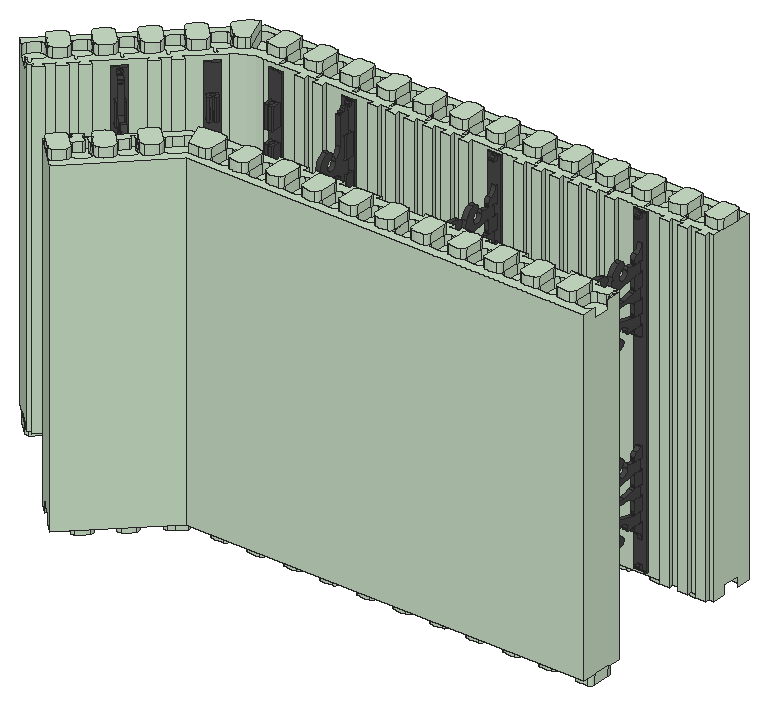
Revit family (continued)
Automatic sketch dimensions
  Extrusion 18 sketch curve to Extrusion 18 sketch curve = 0' - 0.1125"
  Extrusion 18 sketch curve to Extrusion 18 sketch curve = 0' - 0.1208"
  Extrusion 18 sketch curve to Extrusion 18 sketch curve = 0' - 0.0364"
  Extrusion 18 sketch curve to Extrusion 18 sketch curve = 0' - 0.04419"  (x2)
  Extrusion 18 sketch curve to Extrusion 18 sketch curve = 0' - 0.28149"  (x2)
  Extrusion 18 sketch curve to Extrusion 18 sketch curve = 0' - 0.20883"
  Extrusion 18 sketch curve to Extrusion 18 sketch curve = 0' - 0.03226"
  Extrusion 18 sketch curve to Extrusion 18 sketch curve = 0' - 0.04181"
  Extrusion 18 sketch curve to Extrusion 18 sketch curve = 0' - 0.1931"
  Extrusion 18 sketch curve to Extrusion 18 sketch curve = 0' - 0.16723"
  Extrusion 18 sketch curve to Extrusion 18 sketch curve = 0' - 0.07207"  (x2)
  Extrusion 18 sketch curve to Extrusion 18 sketch curve = 0' - 0.11381"
  Extrusion 18 sketch curve to Extrusion 18 sketch curve = 0' - 0.22259"
  plane 5 to Extrusion 18 sketch curve = 0' - 2.13595"
  Extrusion 18 sketch curve to Extrusion 18 sketch curve = 0' - 0.24884"
  Extrusion 18 sketch curve to Extrusion 18 sketch curve = 0' - 0.14031"
  plane 8 to Extrusion 19 sketch curve = 0' - 9.22509"
  Extrusion 19 sketch curve to Extrusion 19 sketch curve = 0' - 0"  (x5)
  Extrusion 19 sketch curve to Extrusion 19 sketch curve = 0' - 0.04582"  (x2)
  Extrusion 19 sketch curve to Extrusion 19 sketch curve = 0' - 0.17837"
  Extrusion 19 sketch curve to Extrusion 19 sketch curve = 0' - 0.17678"  (x4)
  Extrusion 19 sketch curve to Extrusion 19 sketch curve = 0' - 0.1125"
  Extrusion 19 sketch curve to Extrusion 19 sketch curve = 0' - 0.1208"
  Extrusion 19 sketch curve to Extrusion 19 sketch curve = 0' - 0.0364"
  Extrusion 19 sketch curve to Extrusion 19 sketch curve = 0' - 0.04419"  (x2)
  Extrusion 19 sketch curve to Extrusion 19 sketch curve = 0' - 0.28149"  (x2)
  Extrusion 19 sketch curve to Extrusion 19 sketch curve = 0' - 0.20883"
  Extrusion 19 sketch curve to Extrusion 19 sketch curve = 0' - 0.03226"
  Extrusion 19 sketch curve to Extrusion 19 sketch curve = 0' - 0.04181"
  Extrusion 19 sketch curve to Extrusion 19 sketch curve = 0' - 0.1931"
  Extrusion 19 sketch curve to Extrusion 19 sketch curve = 0' - 0.16723"
  Extrusion 19 sketch curve to Extrusion 19 sketch curve = 0' - 0.07207"  (x2)
  Extrusion 19 sketch curve to Extrusion 19 sketch curve = 0' - 0.11381"
  Extrusion 19 sketch curve to Extrusion 19 sketch curve = 0' - 0.22259"
  Extrusion 19 sketch curve to plane 4 = 0' - 2.13595"
  Extrusion 19 sketch curve to Extrusion 19 sketch curve = 0' - 0.24884"
  Extrusion 19 sketch curve to Extrusion 19 sketch curve = 0' - 0.14031"
  plane 8 to Extrusion 20 sketch curve = 0' - 10.6393"
  Extrusion 20 sketch curve to Extrusion 20 sketch curve = 0' - 0"  (x5)
  Extrusion 20 sketch curve to Extrusion 20 sketch curve = 0' - 0.04582"  (x2)
  Extrusion 20 sketch curve to Extrusion 20 sketch curve = 0' - 0.17837"
  Extrusion 20 sketch curve to Extrusion 20 sketch curve = 0' - 0.17678"  (x4)
  Extrusion 20 sketch curve to Extrusion 20 sketch curve = 0' - 0.1125"
  Extrusion 20 sketch curve to Extrusion 20 sketch curve = 0' - 0.1208"
  Extrusion 20 sketch curve to Extrusion 20 sketch curve = 0' - 0.0364"
  Extrusion 20 sketch curve to Extrusion 20 sketch curve = 0' - 0.04419"  (x2)
  Extrusion 20 sketch curve to Extrusion 20 sketch curve = 0' - 0.28149"  (x2)
  Extrusion 20 sketch curve to Extrusion 20 sketch curve = 0' - 0.20883"
  Extrusion 20 sketch curve to Extrusion 20 sketch curve = 0' - 0.03226"
  Extrusion 20 sketch curve to Extrusion 20 sketch curve = 0' - 0.04181"
  Extrusion 20 sketch curve to Extrusion 20 sketch curve = 0' - 0.1931"
  Extrusion 20 sketch curve to Extrusion 20 sketch curve = 0' - 0.16723"
  Extrusion 20 sketch curve to Extrusion 20 sketch curve = 0' - 0.07207"  (x2)
  Extrusion 20 sketch curve to Extrusion 20 sketch curve = 0' - 0.11381"
  Extrusion 20 sketch curve to Extrusion 20 sketch curve = 0' - 0.22259"
  Extrusion 20 sketch curve to plane 4 = 0' - 2.13595"
  Extrusion 20 sketch curve to Extrusion 20 sketch curve = 0' - 0.24884"
  Extrusion 20 sketch curve to Extrusion 20 sketch curve = 0' - 0.14031"
  plane 8 to Extrusion 21 sketch curve = 0' - 7.81088"
  Extrusion 21 sketch curve to Extrusion 21 sketch curve = 0' - 0"  (x5)
  Extrusion 21 sketch curve to Extrusion 21 sketch curve = 0' - 0.04582"  (x2)
  Extrusion 21 sketch curve to Extrusion 21 sketch curve = 0' - 0.17837"
  Extrusion 21 sketch curve to Extrusion 21 sketch curve = 0' - 0.17678"  (x4)
  Extrusion 21 sketch curve to Extrusion 21 sketch curve = 0' - 0.1125"
  Extrusion 21 sketch curve to Extrusion 21 sketch curve = 0' - 0.1208"
  Extrusion 21 sketch curve to Extrusion 21 sketch curve = 0' - 0.0364"
  Extrusion 21 sketch curve to Extrusion 21 sketch curve = 0' - 0.04419"  (x2)
  Extrusion 21 sketch curve to Extrusion 21 sketch curve = 0' - 0.28149"  (x2)
  Extrusion 21 sketch curve to Extrusion 21 sketch curve = 0' - 0.20883"
  Extrusion 21 sketch curve to Extrusion 21 sketch curve = 0' - 0.03226"
  Extrusion 21 sketch curve to Extrusion 21 sketch curve = 0' - 0.04181"
  Extrusion 21 sketch curve to Extrusion 21 sketch curve = 0' - 0.1931"
  Extrusion 21 sketch curve to Extrusion 21 sketch curve = 0' - 0.16723"
  Extrusion 21 sketch curve to Extrusion 21 sketch curve = 0' - 0.07207"  (x2)
  Extrusion 21 sketch curve to Extrusion 21 sketch curve = 0' - 0.11381"
  Extrusion 21 sketch curve to Extrusion 21 sketch curve = 0' - 0.22259"
  Extrusion 21 sketch curve to plane 4 = 0' - 2.13595"
  Extrusion 21 sketch curve to Extrusion 21 sketch curve = 0' - 0.24884"
  Extrusion 21 sketch curve to Extrusion 21 sketch curve = 0' - 0.14031"
  plane 8 to Extrusion 22 sketch curve = 0' - 6.39666"
  Extrusion 22 sketch curve to Extrusion 22 sketch curve = 0' - 0"  (x5)
  Extrusion 22 sketch curve to Extrusion 22 sketch curve = 0' - 0.04582"  (x2)
  Extrusion 22 sketch curve to Extrusion 22 sketch curve = 0' - 0.17837"
  Extrusion 22 sketch curve to Extrusion 22 sketch curve = 0' - 0.17678"  (x4)
  Extrusion 22 sketch curve to Extrusion 22 sketch curve = 0' - 0.1125"
  Extrusion 22 sketch curve to Extrusion 22 sketch curve = 0' - 0.1208"
  Extrusion 22 sketch curve to Extrusion 22 sketch curve = 0' - 0.0364"
  Extrusion 22 sketch curve to Extrusion 22 sketch curve = 0' - 0.04419"  (x2)
  Extrusion 22 sketch curve to Extrusion 22 sketch curve = 0' - 0.28149"  (x2)
  Extrusion 22 sketch curve to Extrusion 22 sketch curve = 0' - 0.20883"
  Extrusion 22 sketch curve to Extrusion 22 sketch curve = 0' - 0.03226"
  Extrusion 22 sketch curve to Extrusion 22 sketch curve = 0' - 0.04181"
  Extrusion 22 sketch curve to Extrusion 22 sketch curve = 0' - 0.1931"
  Extrusion 22 sketch curve to Extrusion 22 sketch curve = 0' - 0.16723"
  Extrusion 22 sketch curve to Extrusion 22 sketch curve = 0' - 0.07207"  (x2)
  Extrusion 22 sketch curve to Extrusion 22 sketch curve = 0' - 0.11381"
  Extrusion 22 sketch curve to Extrusion 22 sketch curve = 0' - 0.22259"
  Extrusion 22 sketch curve to plane 4 = 0' - 2.13595"
  Extrusion 22 sketch curve to Extrusion 22 sketch curve = 0' - 0.24884"
  Extrusion 22 sketch curve to Extrusion 22 sketch curve = 0' - 0.14031"
  plane 8 to Extrusion 23 sketch curve = 0' - 4.98245"
  Extrusion 23 sketch curve to Extrusion 23 sketch curve = 0' - 0"  (x5)
  Extrusion 23 sketch curve to Extrusion 23 sketch curve = 0' - 0.04582"  (x2)
  Extrusion 23 sketch curve to Extrusion 23 sketch curve = 0' - 0.17837"
  Extrusion 23 sketch curve to Extrusion 23 sketch curve = 0' - 0.17678"  (x4)
  Extrusion 23 sketch curve to Extrusion 23 sketch curve = 0' - 0.1125"
  Extrusion 23 sketch curve to Extrusion 23 sketch curve = 0' - 0.1208"
  Extrusion 23 sketch curve to Extrusion 23 sketch curve = 0' - 0.0364"
  Extrusion 23 sketch curve to Extrusion 23 sketch curve = 0' - 0.04419"  (x2)
  Extrusion 23 sketch curve to Extrusion 23 sketch curve = 0' - 0.28149"  (x2)
  Extrusion 23 sketch curve to Extrusion 23 sketch curve = 0' - 0.20883"
  Extrusion 23 sketch curve to Extrusion 23 sketch curve = 0' - 0.03226"
  Extrusion 23 sketch curve to Extrusion 23 sketch curve = 0' - 0.04181"
  Extrusion 23 sketch curve to Extrusion 23 sketch curve = 0' - 0.1931"
  Extrusion 23 sketch curve to Extrusion 23 sketch curve = 0' - 0.16723"
  Extrusion 23 sketch curve to Extrusion 23 sketch curve = 0' - 0.07207"  (x2)
  Extrusion 23 sketch curve to Extrusion 23 sketch curve = 0' - 0.11381"
  Extrusion 23 sketch curve to Extrusion 23 sketch curve = 0' - 0.22259"
  Extrusion 23 sketch curve to plane 4 = 0' - 2.13595"
  Extrusion 23 sketch curve to Extrusion 23 sketch curve = 0' - 0.24884"
  Extrusion 23 sketch curve to Extrusion 23 sketch curve = 0' - 0.14031"
  plane 8 to Extrusion 24 sketch curve = 0' - 3.56823"
  Extrusion 24 sketch curve to Extrusion 24 sketch curve = 0' - 0"  (x5)
  Extrusion 24 sketch curve to Extrusion 24 sketch curve = 0' - 0.04582"  (x2)
  Extrusion 24 sketch curve to Extrusion 24 sketch curve = 0' - 0.17837"
  Extrusion 24 sketch curve to Extrusion 24 sketch curve = 0' - 0.17678"  (x4)
  Extrusion 24 sketch curve to Extrusion 24 sketch curve = 0' - 0.1125"
  Extrusion 24 sketch curve to Extrusion 24 sketch curve = 0' - 0.1208"
  Extrusion 24 sketch curve to Extrusion 24 sketch curve = 0' - 0.0364"
  Extrusion 24 sketch curve to Extrusion 24 sketch curve = 0' - 0.04419"  (x2)
  Extrusion 24 sketch curve to Extrusion 24 sketch curve = 0' - 0.28149"  (x2)
  Extrusion 24 sketch curve to Extrusion 24 sketch curve = 0' - 0.20883"
  Extrusion 24 sketch curve to Extrusion 24 sketch curve = 0' - 0.03226"
  Extrusion 24 sketch curve to Extrusion 24 sketch curve = 0' - 0.04181"
  Extrusion 24 sketch curve to Extrusion 24 sketch curve = 0' - 0.1931"
  Extrusion 24 sketch curve to Extrusion 24 sketch curve = 0' - 0.16723"
  Extrusion 24 sketch curve to Extrusion 24 sketch curve = 0' - 0.07207"  (x2)
  Extrusion 24 sketch curve to Extrusion 24 sketch curve = 0' - 0.11381"
  Extrusion 24 sketch curve to Extrusion 24 sketch curve = 0' - 0.22259"
  Extrusion 24 sketch curve to plane 4 = 0' - 2.13595"
  Extrusion 24 sketch curve to Extrusion 24 sketch curve = 0' - 0.24884"
  Extrusion 24 sketch curve to Extrusion 24 sketch curve = 0' - 0.14031"
  plane 8 to Extrusion 25 sketch curve = 0' - 2.15402"
  Extrusion 25 sketch curve to Extrusion 25 sketch curve = 0' - 0"  (x5)
  Extrusion 25 sketch curve to Extrusion 25 sketch curve = 0' - 0.04582"  (x2)
  Extrusion 25 sketch curve to Extrusion 25 sketch curve = 0' - 0.17837"
  Extrusion 25 sketch curve to Extrusion 25 sketch curve = 0' - 0.17678"  (x4)
  Extrusion 25 sketch curve to Extrusion 25 sketch curve = 0' - 0.1125"
  Extrusion 25 sketch curve to Extrusion 25 sketch curve = 0' - 0.1208"
  Extrusion 25 sketch curve to Extrusion 25 sketch curve = 0' - 0.0364"
  Extrusion 25 sketch curve to Extrusion 25 sketch curve = 0' - 0.04419"  (x2)
  Extrusion 25 sketch curve to Extrusion 25 sketch curve = 0' - 0.28149"  (x2)
  Extrusion 25 sketch curve to Extrusion 25 sketch curve = 0' - 0.20883"
  Extrusion 25 sketch curve to Extrusion 25 sketch curve = 0' - 0.03226"
  Extrusion 25 sketch curve to Extrusion 25 sketch curve = 0' - 0.04181"
  Extrusion 25 sketch curve to Extrusion 25 sketch curve = 0' - 0.1931"
  Extrusion 25 sketch curve to Extrusion 25 sketch curve = 0' - 0.16723"
  Extrusion 25 sketch curve to Extrusion 25 sketch curve = 0' - 0.07207"  (x2)
  Extrusion 25 sketch curve to Extrusion 25 sketch curve = 0' - 0.11381"
  Extrusion 25 sketch curve to Extrusion 25 sketch curve = 0' - 0.22259"
  Extrusion 25 sketch curve to plane 4 = 0' - 2.13595"
  Extrusion 25 sketch curve to Extrusion 25 sketch curve = 0' - 0.24884"
  Extrusion 25 sketch curve to Extrusion 25 sketch curve = 0' - 0.14031"
  plane 8 to Extrusion 26 sketch curve = 0' - 0.73981"
  Extrusion 26 sketch curve to Extrusion 26 sketch curve = 0' - 0"  (x5)
  Extrusion 26 sketch curve to Extrusion 26 sketch curve = 0' - 0.04582"  (x2)
  plane 8 to Extrusion 26 sketch curve = 0' - 0.56144"
  Extrusion 26 sketch curve to Extrusion 26 sketch curve = 0' - 0.22259"  (x2)
  Extrusion 26 sketch curve to Extrusion 26 sketch curve = 0' - 0.1125"
  Extrusion 26 sketch curve to Extrusion 26 sketch curve = 0' - 0.1208"
  Extrusion 26 sketch curve to Extrusion 26 sketch curve = 0' - 0.0364"
  Extrusion 26 sketch curve to Extrusion 26 sketch curve = 0' - 0.04419"  (x2)
  plane 8 to Extrusion 26 sketch curve = 0' - 0.23573"
  plane 8 to Extrusion 26 sketch curve = 0' - 0.19592"
  plane 8 to Extrusion 26 sketch curve = 0' - 0.16366"
  Extrusion 26 sketch curve to Extrusion 26 sketch curve = 0' - 0.04181"
  plane 8 to Extrusion 26 sketch curve = 0' - 0.04263"
  Extrusion 26 sketch curve to plane 8 = 0' - 0.01312"
  Extrusion 26 sketch curve to plane 8 = 0' - 0.13415"
  Extrusion 26 sketch curve to plane 8 = 0' - 0.20621"
  Extrusion 26 sketch curve to plane 8 = 0' - 0.24795"
  Extrusion 26 sketch curve to Extrusion 26 sketch curve = 0' - 0.28149"
  Extrusion 26 sketch curve to Extrusion 26 sketch curve = 0' - 0.17678"  (x2)
  Extrusion 26 sketch curve to plane 4 = 0' - 2.13595"
  Extrusion 26 sketch curve to Extrusion 26 sketch curve = 0' - 0.07207"
  Extrusion 26 sketch curve to Extrusion 26 sketch curve = 0' - 0.24884"
  Extrusion 26 sketch curve to Extrusion 26 sketch curve = 0' - 0.14031"
  Extrusion 27 sketch curve to plane 8 = 0' - 0.67441"
  Extrusion 27 sketch curve to Extrusion 27 sketch curve = 0' - 0"  (x5)
  Extrusion 27 sketch curve to Extrusion 27 sketch curve = 0' - 0.04582"  (x2)
  Extrusion 27 sketch curve to Extrusion 27 sketch curve = 0' - 0.17837"
  Extrusion 27 sketch curve to Extrusion 27 sketch curve = 0' - 0.22259"  (x2)
  Extrusion 27 sketch curve to Extrusion 27 sketch curve = 0' - 0.1125"
  Extrusion 27 sketch curve to Extrusion 27 sketch curve = 0' - 0.1208"
  Extrusion 27 sketch curve to Extrusion 27 sketch curve = 0' - 0.0364"
  Extrusion 27 sketch curve to Extrusion 27 sketch curve = 0' - 0.04419"  (x2)
  Extrusion 27 sketch curve to Extrusion 27 sketch curve = 0' - 0.28149"  (x2)
  Extrusion 27 sketch curve to Extrusion 27 sketch curve = 0' - 0.20883"
  Extrusion 27 sketch curve to Extrusion 27 sketch curve = 0' - 0.03226"
  Extrusion 27 sketch curve to Extrusion 27 sketch curve = 0' - 0.04181"
  Extrusion 27 sketch curve to Extrusion 27 sketch curve = 0' - 0.1931"
  Extrusion 27 sketch curve to Extrusion 27 sketch curve = 0' - 0.16723"
  Extrusion 27 sketch curve to Extrusion 27 sketch curve = 0' - 0.17678"  (x3)
  Extrusion 27 sketch curve to Extrusion 27 sketch curve = 0' - 0.07207"  (x2)
  Extrusion 27 sketch curve to Extrusion 27 sketch curve = 0' - 0.11381"
  Extrusion 27 sketch curve to plane 4 = 0' - 2.13595"
  Extrusion 27 sketch curve to Extrusion 27 sketch curve = 0' - 0.24884"
  Extrusion 27 sketch curve to Extrusion 27 sketch curve = 0' - 0.14031"
  plane 7 to Extrusion 28 sketch curve = 0' - 0.91138"
  Extrusion 28 sketch curve to Extrusion 28 sketch curve = 0' - 0"  (x5)
  Extrusion 28 sketch curve to Extrusion 28 sketch curve = 0' - 0.04582"  (x2)
  Extrusion 28 sketch curve to Extrusion 28 sketch curve = 0' - 0.17837"
  Extrusion 28 sketch curve to Extrusion 28 sketch curve = 0' - 0.17678"  (x3)
  Extrusion 28 sketch curve to Extrusion 28 sketch curve = 0' - 0.1125"
  Extrusion 28 sketch curve to Extrusion 28 sketch curve = 0' - 0.1208"
  Extrusion 28 sketch curve to Extrusion 28 sketch curve = 0' - 0.0364"
  Extrusion 28 sketch curve to Extrusion 28 sketch curve = 0' - 0.04419"  (x2)
  Extrusion 28 sketch curve to Extrusion 28 sketch curve = 0' - 0.28149"  (x2)
  Extrusion 28 sketch curve to Extrusion 28 sketch curve = 0' - 0.20883"
  Extrusion 28 sketch curve to Extrusion 28 sketch curve = 0' - 0.03226"
  Extrusion 28 sketch curve to Extrusion 28 sketch curve = 0' - 0.04181"
  plane 7 to Extrusion 28 sketch curve = 0' - 0.2142"
  plane 7 to Extrusion 28 sketch curve = 0' - 0.15846"
  plane 7 to Extrusion 28 sketch curve = 0' - 0.03743"
  Extrusion 28 sketch curve to plane 7 = 0' - 0.03464"
  Extrusion 28 sketch curve to plane 7 = 0' - 0.07638"
  Extrusion 28 sketch curve to Extrusion 28 sketch curve = 0' - 0.22259"
  Extrusion 28 sketch curve to plane 4 = 0' - 2.13595"
  Extrusion 28 sketch curve to Extrusion 28 sketch curve = 0' - 0.07207"
  Extrusion 28 sketch curve to Extrusion 28 sketch curve = 0' - 0.24884"
  Extrusion 28 sketch curve to Extrusion 28 sketch curve = 0' - 0.14031"
  Extrusion 29 sketch curve to plane 7 = 0' - 0.50283"
  Extrusion 29 sketch curve to Extrusion 29 sketch curve = 0' - 0"  (x5)
  Extrusion 29 sketch curve to Extrusion 29 sketch curve = 0' - 0.04582"  (x2)
  Extrusion 29 sketch curve to Extrusion 29 sketch curve = 0' - 0.17837"
  Extrusion 29 sketch curve to Extrusion 29 sketch curve = 0' - 0.17678"  (x4)
  Extrusion 29 sketch curve to Extrusion 29 sketch curve = 0' - 0.1125"
  Extrusion 29 sketch curve to Extrusion 29 sketch curve = 0' - 0.1208"
  Extrusion 29 sketch curve to Extrusion 29 sketch curve = 0' - 0.0364"
  Extrusion 29 sketch curve to Extrusion 29 sketch curve = 0' - 0.04419"  (x2)
  Extrusion 29 sketch curve to Extrusion 29 sketch curve = 0' - 0.28149"  (x2)
  Extrusion 29 sketch curve to Extrusion 29 sketch curve = 0' - 0.20883"
  Extrusion 29 sketch curve to Extrusion 29 sketch curve = 0' - 0.03226"
  Extrusion 29 sketch curve to Extrusion 29 sketch curve = 0' - 0.04181"
  Extrusion 29 sketch curve to Extrusion 29 sketch curve = 0' - 0.1931"
  Extrusion 29 sketch curve to Extrusion 29 sketch curve = 0' - 0.16723"
  Extrusion 29 sketch curve to Extrusion 29 sketch curve = 0' - 0.07207"  (x2)
  Extrusion 29 sketch curve to Extrusion 29 sketch curve = 0' - 0.11381"
  Extrusion 29 sketch curve to Extrusion 29 sketch curve = 0' - 0.22259"
  Extrusion 29 sketch curve to plane 4 = 0' - 2.13595"
  Extrusion 29 sketch curve to Extrusion 29 sketch curve = 0' - 0.24884"
  Extrusion 29 sketch curve to Extrusion 29 sketch curve = 0' - 0.14031"
  plane 6 to Extrusion 30 sketch curve = 0' - 1.08295"
  Extrusion 30 sketch curve to Extrusion 30 sketch curve = 0' - 0"  (x5)
  Extrusion 30 sketch curve to Extrusion 30 sketch curve = 0' - 0.04582"  (x2)
  Extrusion 30 sketch curve to Extrusion 30 sketch curve = 0' - 0.17837"
  Extrusion 30 sketch curve to Extrusion 30 sketch curve = 0' - 0.17678"  (x3)
  Extrusion 30 sketch curve to Extrusion 30 sketch curve = 0' - 0.1125"
  Extrusion 30 sketch curve to Extrusion 30 sketch curve = 0' - 0.1208"
  Extrusion 30 sketch curve to Extrusion 30 sketch curve = 0' - 0.0364"
  Extrusion 30 sketch curve to Extrusion 30 sketch curve = 0' - 0.04419"  (x2)
  Extrusion 30 sketch curve to Extrusion 30 sketch curve = 0' - 0.28149"
  Extrusion 30 sketch curve to Extrusion 30 sketch curve = 0' - 0.20883"
  Extrusion 30 sketch curve to Extrusion 30 sketch curve = 0' - 0.03226"
  Extrusion 30 sketch curve to Extrusion 30 sketch curve = 0' - 0.04181"
  plane 6 to Extrusion 30 sketch curve = 0' - 0.38578"
  Extrusion 30 sketch curve to Extrusion 30 sketch curve = 0' - 0.16723"
  plane 6 to Extrusion 30 sketch curve = 0' - 0.209"
  plane 6 to Extrusion 30 sketch curve = 0' - 0.13693"
  plane 6 to Extrusion 30 sketch curve = 0' - 0.09519"
  Extrusion 30 sketch curve to plane 6 = 0' - 0.14455"
  Extrusion 30 sketch curve to Extrusion 30 sketch curve = 0' - 0.22259"
  plane 3 "Center (Left/Right)" to Extrusion 30 sketch curve = 0' - 1.02793"
  Extrusion 30 sketch curve to Extrusion 30 sketch curve = 0' - 0.07207"
  Extrusion 30 sketch curve to Extrusion 30 sketch curve = 0' - 0.24884"
  Extrusion 30 sketch curve to Extrusion 30 sketch curve = 0' - 0.14031"
  Extrusion 31 sketch curve to plane 5 = 0' - 0.42964"
  Extrusion 31 sketch curve to plane 3 "Center (Left/Right)" = 0' - 7.85817"
  Extrusion 31 sketch curve to Extrusion 31 sketch curve = 0' - 0"  (x4)
  Extrusion 31 sketch curve to Extrusion 31 sketch curve = 0' - 0.04582"  (x2)
  plane 5 to Extrusion 31 sketch curve = 0' - 0.20211"
  Extrusion 31 sketch curve to Extrusion 31 sketch curve = 0' - 0.17837"
  Extrusion 31 sketch curve to Extrusion 31 sketch curve = 0' - 0.17678"  (x3)
  plane 5 to Extrusion 31 sketch curve = 0' - 0.00123"
  Extrusion 31 sketch curve to Extrusion 31 sketch curve = 0' - 0.1125"
  plane 5 to Extrusion 31 sketch curve = 0' - 0.32291"
  Extrusion 31 sketch curve to Extrusion 31 sketch curve = 0' - 0.1208"
  Extrusion 31 sketch curve to plane 5 = 0' - 0.04958"
  Extrusion 31 sketch curve to Extrusion 31 sketch curve = 0' - 0.0364"
  plane 5 to Extrusion 31 sketch curve = 0' - 0.04542"
  Extrusion 31 sketch curve to Extrusion 31 sketch curve = 0' - 0.28149"  (x2)
  plane 5 to Extrusion 31 sketch curve = 0' - 0.07819"
  Extrusion 31 sketch curve to Extrusion 31 sketch curve = 0' - 0.03226"
  Extrusion 31 sketch curve to Extrusion 31 sketch curve = 0' - 0.04181"
  Extrusion 31 sketch curve to Extrusion 31 sketch curve = 0' - 0.04419"
  Extrusion 31 sketch curve to plane 5 = 0' - 1.37158"
  Extrusion 31 sketch curve to Extrusion 31 sketch curve = 0' - 0.24884"
  Extrusion 31 sketch curve to plane 5 = 0' - 0.01312"
  Extrusion 31 sketch curve to Extrusion 31 sketch curve = 0' - 0.16723"
  Extrusion 31 sketch curve to Extrusion 31 sketch curve = 0' - 0.11381"
  Extrusion 31 sketch curve to Extrusion 31 sketch curve = 0' - 0.22259"
  plane 1 "Center (Front/Back)" to Extrusion 32 sketch curve = 0' - 1.15615"
  Extrusion 32 sketch curve to plane 3 "Center (Left/Right)" = 0' - 6.44396"
  Extrusion 32 sketch curve to Extrusion 32 sketch curve = 0' - 0"  (x5)
  Extrusion 32 sketch curve to Extrusion 32 sketch curve = 0' - 0.04582"
  Extrusion 32 sketch curve to plane 5 = 0' - 1.2121"
  Extrusion 32 sketch curve to Extrusion 32 sketch curve = 0' - 0.17837"
  Extrusion 32 sketch curve to Extrusion 32 sketch curve = 0' - 0.22259"  (x2)
  Extrusion 32 sketch curve to Extrusion 32 sketch curve = 0' - 0.1125"
  Extrusion 32 sketch curve to plane 5 = 0' - 1.0913"
  Extrusion 32 sketch curve to Extrusion 32 sketch curve = 0' - 0.1208"
  Extrusion 32 sketch curve to Extrusion 32 sketch curve = 0' - 0.0364"
  Extrusion 32 sketch curve to plane 5 = 0' - 1.36879"
  Extrusion 32 sketch curve to Extrusion 32 sketch curve = 0' - 0.28149"  (x2)
  Extrusion 32 sketch curve to plane 5 = 0' - 1.33603"
  Extrusion 32 sketch curve to Extrusion 32 sketch curve = 0' - 0.03226"
  Extrusion 32 sketch curve to Extrusion 32 sketch curve = 0' - 0.04181"
  Extrusion 32 sketch curve to Extrusion 32 sketch curve = 0' - 0.04419"
  plane 1 "Center (Front/Back)" to Extrusion 32 sketch curve = 0' - 0.2142"
  Extrusion 32 sketch curve to Extrusion 32 sketch curve = 0' - 0.1931"
  Extrusion 32 sketch curve to Extrusion 32 sketch curve = 0' - 0.16723"
  Extrusion 32 sketch curve to Extrusion 32 sketch curve = 0' - 0.17678"  (x2)
  Extrusion 32 sketch curve to Extrusion 32 sketch curve = 0' - 0.07207"
  plane 1 "Center (Front/Back)" to Extrusion 32 sketch curve = 0' - 0.16839"
  Extrusion 32 sketch curve to Extrusion 32 sketch curve = 0' - 0.11381"
  Extrusion 32 sketch curve to Extrusion 32 sketch curve = 0' - 0.26808"
  Extrusion 33 sketch curve to plane 1 "Center (Front/Back)" = 0' - 0.25807"
  Extrusion 33 sketch curve to plane 3 "Center (Left/Right)" = 0' - 5.02974"
  Extrusion 33 sketch curve to Extrusion 33 sketch curve = 0' - 0"  (x5)
  Extrusion 33 sketch curve to Extrusion 33 sketch curve = 0' - 0.04582"  (x2)
  plane 1 "Center (Front/Back)" to Extrusion 33 sketch curve = 0' - 0.37369"
  Extrusion 33 sketch curve to Extrusion 33 sketch curve = 0' - 0.17837"
  Extrusion 33 sketch curve to Extrusion 33 sketch curve = 0' - 0.17678"  (x3)
  Extrusion 33 sketch curve to Extrusion 33 sketch curve = 0' - 0.1125"
  plane 1 "Center (Front/Back)" to Extrusion 33 sketch curve = 0' - 0.49448"
  Extrusion 33 sketch curve to Extrusion 33 sketch curve = 0' - 0.1208"
  Extrusion 33 sketch curve to Extrusion 33 sketch curve = 0' - 0.0364"
  plane 1 "Center (Front/Back)" to Extrusion 33 sketch curve = 0' - 0.21699"
  Extrusion 33 sketch curve to Extrusion 33 sketch curve = 0' - 0.28149"  (x2)
  plane 1 "Center (Front/Back)" to Extrusion 33 sketch curve = 0' - 0.24976"
  Extrusion 33 sketch curve to plane 1 "Center (Front/Back)" = 0' - 0.01832"
  Extrusion 33 sketch curve to Extrusion 33 sketch curve = 0' - 0.03226"
  Extrusion 33 sketch curve to Extrusion 33 sketch curve = 0' - 0.04181"
  Extrusion 33 sketch curve to Extrusion 33 sketch curve = 0' - 0.04419"
  Extrusion 33 sketch curve to plane 1 "Center (Front/Back)" = 0' - 1.20001"
  Extrusion 33 sketch curve to Extrusion 33 sketch curve = 0' - 0.1931"
  plane 1 "Center (Front/Back)" to Extrusion 33 sketch curve = 0' - 0.15846"
  Extrusion 33 sketch curve to Extrusion 33 sketch curve = 0' - 0.07207"
  Extrusion 33 sketch curve to Extrusion 33 sketch curve = 0' - 0.11381"
  Extrusion 33 sketch curve to Extrusion 33 sketch curve = 0' - 0.22259"
  plane 4 to Extrusion 34 sketch curve = 0' - 1.32772"
  Extrusion 34 sketch curve to plane 3 "Center (Left/Right)" = 0' - 3.61553"
  Extrusion 34 sketch curve to Extrusion 34 sketch curve = 0' - 0"  (x5)
  Extrusion 34 sketch curve to Extrusion 34 sketch curve = 0' - 0.04582"  (x2)
  Extrusion 34 sketch curve to plane 1 "Center (Front/Back)" = 0' - 1.04053"
  Extrusion 34 sketch curve to Extrusion 34 sketch curve = 0' - 0.17837"
  Extrusion 34 sketch curve to Extrusion 34 sketch curve = 0' - 0.17678"  (x3)
  Extrusion 34 sketch curve to Extrusion 34 sketch curve = 0' - 0.1125"
  Extrusion 34 sketch curve to plane 1 "Center (Front/Back)" = 0' - 0.91973"
  Extrusion 34 sketch curve to Extrusion 34 sketch curve = 0' - 0.1208"
  Extrusion 34 sketch curve to Extrusion 34 sketch curve = 0' - 0.0364"
  Extrusion 34 sketch curve to plane 1 "Center (Front/Back)" = 0' - 1.19722"
  Extrusion 34 sketch curve to Extrusion 34 sketch curve = 0' - 0.28149"  (x2)
  Extrusion 34 sketch curve to plane 1 "Center (Front/Back)" = 0' - 1.16446"
  Extrusion 34 sketch curve to Extrusion 34 sketch curve = 0' - 0.03226"
  Extrusion 34 sketch curve to Extrusion 34 sketch curve = 0' - 0.04181"
  Extrusion 34 sketch curve to Extrusion 34 sketch curve = 0' - 0.04419"
  plane 4 to Extrusion 34 sketch curve = 0' - 0.38578"
  Extrusion 34 sketch curve to Extrusion 34 sketch curve = 0' - 0.1931"
  Extrusion 34 sketch curve to Extrusion 34 sketch curve = 0' - 0.16723"
  Extrusion 34 sketch curve to Extrusion 34 sketch curve = 0' - 0.07207"
  Extrusion 34 sketch curve to Extrusion 34 sketch curve = 0' - 0.11381"
  Extrusion 34 sketch curve to Extrusion 34 sketch curve = 0' - 0.22259"
  Extrusion 34 sketch curve to Extrusion 34 sketch curve = 0' - 0.26808"
  Extrusion 35 sketch curve to plane 4 = 0' - 0.08649"
  Extrusion 35 sketch curve to plane 3 "Center (Left/Right)" = 0' - 2.20132"
  Extrusion 35 sketch curve to Extrusion 35 sketch curve = 0' - 0"  (x5)
  Extrusion 35 sketch curve to Extrusion 35 sketch curve = 0' - 0.04582"  (x2)
  plane 4 to Extrusion 35 sketch curve = 0' - 0.54526"
  Extrusion 35 sketch curve to Extrusion 35 sketch curve = 0' - 0.17837"
  Extrusion 35 sketch curve to Extrusion 35 sketch curve = 0' - 0.17678"  (x3)
  Extrusion 35 sketch curve to Extrusion 35 sketch curve = 0' - 0.1125"
  plane 4 to Extrusion 35 sketch curve = 0' - 0.66606"
  Extrusion 35 sketch curve to Extrusion 35 sketch curve = 0' - 0.1208"
  Extrusion 35 sketch curve to Extrusion 35 sketch curve = 0' - 0.0364"
  plane 4 to Extrusion 35 sketch curve = 0' - 0.38857"
  Extrusion 35 sketch curve to Extrusion 35 sketch curve = 0' - 0.28149"  (x2)
  plane 4 to Extrusion 35 sketch curve = 0' - 0.42133"
  Extrusion 35 sketch curve to Extrusion 35 sketch curve = 0' - 0.03226"
  Extrusion 35 sketch curve to Extrusion 35 sketch curve = 0' - 0.04181"
  Extrusion 35 sketch curve to Extrusion 35 sketch curve = 0' - 0.04419"
  Extrusion 35 sketch curve to plane 4 = 0' - 1.02844"
  Extrusion 35 sketch curve to Extrusion 35 sketch curve = 0' - 0.1931"
  Extrusion 35 sketch curve to Extrusion 35 sketch curve = 0' - 0.16723"
  Extrusion 35 sketch curve to Extrusion 35 sketch curve = 0' - 0.07207"
  Extrusion 35 sketch curve to Extrusion 35 sketch curve = 0' - 0.11381"
  Extrusion 35 sketch curve to Extrusion 35 sketch curve = 0' - 0.22259"
  plane 4 to Extrusion 35 sketch curve = 0' - 0.15325"
  plane 3 "Center (Left/Right)" to Extrusion 36 sketch curve = 0' - 0.50283"
  Extrusion 36 sketch curve to Extrusion 36 sketch curve = 0' - 0"  (x2)
  Extrusion 36 sketch curve to Extrusion 36 sketch curve = 0' - 0.04582"  (x2)
  Extrusion 36 sketch curve to Extrusion 36 sketch curve = 0' - 0.19472"
  Extrusion 36 sketch curve to Extrusion 36 sketch curve = 0' - 0.17678"  (x2)
  Extrusion 36 sketch curve to Extrusion 36 sketch curve = 0' - 0.28149"  (x2)
  Extrusion 36 sketch curve to Extrusion 36 sketch curve = 0' - 0.37221"  (x2)
  Extrusion 36 sketch curve to Extrusion 36 sketch curve = 0' - 0.1931"
  Extrusion 36 sketch curve to Extrusion 36 sketch curve = 0' - 0.07207"
  Extrusion 36 sketch curve to Extrusion 36 sketch curve = 0' - 0.11381"
  Extrusion 36 sketch curve to Extrusion 36 sketch curve = 0' - 0.50691"
  Extrusion 36 sketch curve to Extrusion 36 sketch curve = 0' - 0.26762"
  Extrusion 36 sketch curve to Extrusion 36 sketch curve = 0' - 0.39052"
  Extrusion 36 sketch curve to Extrusion 36 sketch curve = 0' - 0.02589"
  plane 5 to Extrusion 36 sketch curve = 0' - 2.77274"
  Extrusion 36 sketch curve to Extrusion 36 sketch curve = 0' - 0.32802"
  Extrusion 36 sketch curve to Extrusion 36 sketch curve = 0' - 0 1/16"
  Extrusion 36 sketch curve to Extrusion 36 sketch curve = 0' - 0.24884"
  Extrusion 37 sketch curve to plane 3 "Center (Left/Right)" = 0' - 2.09947"
  Extrusion 37 sketch curve to plane 4 = 0' - 0 11/16"
  Extrusion 37 sketch curve to Extrusion 37 sketch curve = 0' - 0.57205"
  Extrusion 37 sketch curve to Extrusion 37 sketch curve = 0' - 0.59794"
  Extrusion 37 sketch curve to Extrusion 37 sketch curve = 0' - 0.20253"  (x2)
  Extrusion 37 sketch curve to Extrusion 37 sketch curve = 0' - 0 1/4"  (x3)
  Extrusion 37 sketch curve to Extrusion 37 sketch curve = 0' - 0.07692"  (x2)
  Extrusion 37 sketch curve to Extrusion 37 sketch curve = 0' - 0"  (x2)
  Extrusion 37 sketch curve to Extrusion 37 sketch curve = 0' - 0 1/16"
  Extrusion 37 sketch curve to Extrusion 37 sketch curve = 0' - 0.14808"
  plane 3 "Center (Left/Right)" to Extrusion 38 sketch curve = 0' - 1.57668"
  Extrusion 38 sketch curve to Extrusion 38 sketch curve = 0' - 0.57205"
  Extrusion 38 sketch curve to Extrusion 38 sketch curve = 0' - 0.59794"
  Extrusion 38 sketch curve to Extrusion 38 sketch curve = 0' - 0.52639"
  Extrusion 38 sketch curve to Extrusion 38 sketch curve = 0' - 0"  (x3)
  Extrusion 38 sketch curve to Extrusion 38 sketch curve = 0' - 0 1/4"  (x3)
  Extrusion 38 sketch curve to Extrusion 38 sketch curve = 0' - 0.07692"  (x2)
  plane 5 to Extrusion 38 sketch curve = 0' - 2 1/4"
  Extrusion 38 sketch curve to Extrusion 38 sketch curve = 0' - 0 1/16"
  Extrusion 38 sketch curve to Extrusion 38 sketch curve = 0' - 0.14808"
  Extrusion 39 sketch curve to plane 4 = 0' - 1.31902"
  Extrusion 39 sketch curve to plane 3 "Center (Left/Right)" = 0' - 2.94431"
  Extrusion 39 sketch curve to Extrusion 39 sketch curve = 0' - 0"  (x2)
  Extrusion 39 sketch curve to Extrusion 39 sketch curve = 0' - 0.04582"  (x2)
  Extrusion 39 sketch curve to Extrusion 39 sketch curve = 0' - 0.19472"
  Extrusion 39 sketch curve to Extrusion 39 sketch curve = 0' - 0.22259"
  Extrusion 39 sketch curve to Extrusion 39 sketch curve = 0' - 0.14321"  (x2)
  Extrusion 39 sketch curve to Extrusion 39 sketch curve = 0' - 0.28149"  (x2)
  Extrusion 39 sketch curve to plane 4 = 0' - 0.37708"
  Extrusion 39 sketch curve to Extrusion 39 sketch curve = 0' - 0.1931"
  Extrusion 39 sketch curve to Extrusion 39 sketch curve = 0' - 0.50691"
  Extrusion 39 sketch curve to Extrusion 39 sketch curve = 0' - 0.17678"
  Extrusion 39 sketch curve to Extrusion 39 sketch curve = 0' - 0.07207"
  Extrusion 39 sketch curve to Extrusion 39 sketch curve = 0' - 0.11381"
  Extrusion 39 sketch curve to Extrusion 39 sketch curve = 0' - 0.26762"
  Extrusion 39 sketch curve to plane 4 = 0' - 0 11/16"
  Extrusion 39 sketch curve to Extrusion 39 sketch curve = 0' - 0.16152"
  Extrusion 39 sketch curve to Extrusion 39 sketch curve = 0' - 0.02589"
  Extrusion 39 sketch curve to Extrusion 39 sketch curve = 0' - 0 1/16"
  Extrusion 40 sketch curve to plane 5 = 0' - 4.85817"
  Extrusion 40 sketch curve to Extrusion 40 sketch curve = 0' - 0"  (x5)
  Extrusion 40 sketch curve to Extrusion 40 sketch curve = 0' - 0.04582"  (x2)
  Extrusion 40 sketch curve to Extrusion 40 sketch curve = 0' - 0.17837"
  Extrusion 40 sketch curve to Extrusion 40 sketch curve = 0' - 0.17678"  (x4)
  Extrusion 40 sketch curve to Extrusion 40 sketch curve = 0' - 0.1125"
  Extrusion 40 sketch curve to Extrusion 40 sketch curve = 0' - 0.1208"
  Extrusion 40 sketch curve to Extrusion 40 sketch curve = 0' - 0.0364"
  plane 3 "Center (Left/Right)" to Extrusion 40 sketch curve = 0' - 3.04542"
  Extrusion 40 sketch curve to Extrusion 40 sketch curve = 0' - 0.04419"  (x2)
  Extrusion 40 sketch curve to Extrusion 40 sketch curve = 0' - 0.28149"  (x2)
  Extrusion 40 sketch curve to Extrusion 40 sketch curve = 0' - 0.20883"
  Extrusion 40 sketch curve to Extrusion 40 sketch curve = 0' - 0.03226"
  Extrusion 40 sketch curve to Extrusion 40 sketch curve = 0' - 0.04181"
  plane 3 "Center (Left/Right)" to Extrusion 40 sketch curve = 0' - 1.62842"
  Extrusion 40 sketch curve to Extrusion 40 sketch curve = 0' - 0.1931"
  Extrusion 40 sketch curve to Extrusion 40 sketch curve = 0' - 0.16723"
  Extrusion 40 sketch curve to Extrusion 40 sketch curve = 0' - 0.07207"  (x2)
  Extrusion 40 sketch curve to Extrusion 40 sketch curve = 0' - 0.11381"
  Extrusion 40 sketch curve to Extrusion 40 sketch curve = 0' - 0.22259"
  Extrusion 40 sketch curve to Extrusion 40 sketch curve = 0' - 0.14031"
  plane 3 "Center (Left/Right)" to Extrusion 41 sketch curve = 0' - 1.15615"
  Extrusion 41 sketch curve to plane 5 = 0' - 3.44396"
  Extrusion 41 sketch curve to Extrusion 41 sketch curve = 0' - 0"  (x5)
  Extrusion 41 sketch curve to Extrusion 41 sketch curve = 0' - 0.04582"
  Extrusion 41 sketch curve to Extrusion 41 sketch curve = 0' - 0.17837"
  Extrusion 41 sketch curve to Extrusion 41 sketch curve = 0' - 0.17678"  (x3)
  Extrusion 41 sketch curve to Extrusion 41 sketch curve = 0' - 0.1125"
  plane 3 "Center (Left/Right)" to Extrusion 41 sketch curve = 0' - 1.9087"
  Extrusion 41 sketch curve to Extrusion 41 sketch curve = 0' - 0.1208"
  Extrusion 41 sketch curve to Extrusion 41 sketch curve = 0' - 0.0364"
  plane 3 "Center (Left/Right)" to Extrusion 41 sketch curve = 0' - 1.63121"
  Extrusion 41 sketch curve to Extrusion 41 sketch curve = 0' - 0.04419"  (x2)
  Extrusion 41 sketch curve to Extrusion 41 sketch curve = 0' - 0.28149"  (x2)
  plane 3 "Center (Left/Right)" to Extrusion 41 sketch curve = 0' - 1.66397"
  Extrusion 41 sketch curve to Extrusion 41 sketch curve = 0' - 0.03226"
  Extrusion 41 sketch curve to Extrusion 41 sketch curve = 0' - 0.04181"
  plane 3 "Center (Left/Right)" to Extrusion 41 sketch curve = 0' - 0.2142"
  Extrusion 41 sketch curve to Extrusion 41 sketch curve = 0' - 0.1931"
  Extrusion 41 sketch curve to Extrusion 41 sketch curve = 0' - 0.16723"
  Extrusion 41 sketch curve to Extrusion 41 sketch curve = 0' - 0.07207"
  plane 3 "Center (Left/Right)" to Extrusion 41 sketch curve = 0' - 0.16839"
  Extrusion 41 sketch curve to Extrusion 41 sketch curve = 0' - 0.11381"
  Extrusion 41 sketch curve to Extrusion 41 sketch curve = 0' - 0.22259"
  Extrusion 41 sketch curve to Extrusion 41 sketch curve = 0' - 0.26808"
  Extrusion 42 sketch curve to plane 3 "Center (Left/Right)" = 0' - 0.25807"
  Extrusion 42 sketch curve to plane 5 = 0' - 2.02974"
  Extrusion 42 sketch curve to Extrusion 42 sketch curve = 0' - 0"  (x5)
  Extrusion 42 sketch curve to Extrusion 42 sketch curve = 0' - 0.04582"  (x2)
  plane 3 "Center (Left/Right)" to Extrusion 42 sketch curve = 0' - 0.37369"
  Extrusion 42 sketch curve to Extrusion 42 sketch curve = 0' - 0.17837"
  Extrusion 42 sketch curve to Extrusion 42 sketch curve = 0' - 0.17678"  (x3)
  Extrusion 42 sketch curve to Extrusion 42 sketch curve = 0' - 0.1125"
  plane 3 "Center (Left/Right)" to Extrusion 42 sketch curve = 0' - 0.49448"
  Extrusion 42 sketch curve to Extrusion 42 sketch curve = 0' - 0.1208"
  Extrusion 42 sketch curve to Extrusion 42 sketch curve = 0' - 0.0364"
  plane 3 "Center (Left/Right)" to Extrusion 42 sketch curve = 0' - 0.21699"
  Extrusion 42 sketch curve to Extrusion 42 sketch curve = 0' - 0.28149"  (x2)
  plane 3 "Center (Left/Right)" to Extrusion 42 sketch curve = 0' - 0.24976"
  Extrusion 42 sketch curve to plane 3 "Center (Left/Right)" = 0' - 0.01832"
  Extrusion 42 sketch curve to Extrusion 42 sketch curve = 0' - 0.03226"
  Extrusion 42 sketch curve to Extrusion 42 sketch curve = 0' - 0.04181"
  Extrusion 42 sketch curve to Extrusion 42 sketch curve = 0' - 0.04419"
  Extrusion 42 sketch curve to plane 3 "Center (Left/Right)" = 0' - 1.20001"
  Extrusion 42 sketch curve to Extrusion 42 sketch curve = 0' - 0.1931"
  plane 3 "Center (Left/Right)" to Extrusion 42 sketch curve = 0' - 0.15846"
  Extrusion 42 sketch curve to Extrusion 42 sketch curve = 0' - 0.07207"
  Extrusion 42 sketch curve to Extrusion 42 sketch curve = 0' - 0.11381"
  Extrusion 42 sketch curve to Extrusion 42 sketch curve = 0' - 0.22259"
  Extrusion 43 sketch curve to plane 8 = 0' - 3.19919"
  Extrusion 43 sketch curve to plane 5 = 0' - 0.73905"
  Extrusion 43 sketch curve to Extrusion 43 sketch curve = 0' - 0"  (x5)
  Extrusion 43 sketch curve to Extrusion 43 sketch curve = 0' - 0.04582"  (x2)
  Extrusion 43 sketch curve to plane 8 = 0' - 2.56744"
  Extrusion 43 sketch curve to Extrusion 43 sketch curve = 0' - 0.17837"
  Extrusion 43 sketch curve to Extrusion 43 sketch curve = 0' - 0.17678"  (x3)
  Extrusion 43 sketch curve to Extrusion 43 sketch curve = 0' - 0.1125"
  Extrusion 43 sketch curve to plane 8 = 0' - 2.44664"
  Extrusion 43 sketch curve to Extrusion 43 sketch curve = 0' - 0.1208"
  Extrusion 43 sketch curve to Extrusion 43 sketch curve = 0' - 0.0364"
  Extrusion 43 sketch curve to plane 8 = 0' - 2.72413"
  Extrusion 43 sketch curve to Extrusion 43 sketch curve = 0' - 0.28149"  (x2)
  Extrusion 43 sketch curve to plane 8 = 0' - 2.69137"
  Extrusion 43 sketch curve to Extrusion 43 sketch curve = 0' - 0.03226"
  Extrusion 43 sketch curve to Extrusion 43 sketch curve = 0' - 0.04181"
  Extrusion 43 sketch curve to Extrusion 43 sketch curve = 0' - 0.04419"
  Extrusion 43 sketch curve to plane 8 = 0' - 4.14114"
  Extrusion 43 sketch curve to Extrusion 43 sketch curve = 0' - 0.1931"
  Extrusion 43 sketch curve to Extrusion 43 sketch curve = 0' - 0.16723"
  Extrusion 43 sketch curve to Extrusion 43 sketch curve = 0' - 0.07207"
  Extrusion 43 sketch curve to Extrusion 43 sketch curve = 0' - 0.11381"
  Extrusion 43 sketch curve to Extrusion 43 sketch curve = 0' - 0.22259"
  Extrusion 43 sketch curve to Extrusion 43 sketch curve = 0' - 0.26808"
  Extrusion 44 sketch curve to plane 8 = 0' - 4.6134"
  Extrusion 44 sketch curve to plane 5 = 0' - 0.73905"
  Extrusion 44 sketch curve to Extrusion 44 sketch curve = 0' - 0"  (x5)
  Extrusion 44 sketch curve to Extrusion 44 sketch curve = 0' - 0.04582"  (x2)
  Extrusion 44 sketch curve to plane 8 = 0' - 3.98165"
  Extrusion 44 sketch curve to Extrusion 44 sketch curve = 0' - 0.17837"
  Extrusion 44 sketch curve to Extrusion 44 sketch curve = 0' - 0.17678"  (x3)
  Extrusion 44 sketch curve to Extrusion 44 sketch curve = 0' - 0.1125"
  Extrusion 44 sketch curve to plane 8 = 0' - 3.86086"
  Extrusion 44 sketch curve to Extrusion 44 sketch curve = 0' - 0.1208"
  Extrusion 44 sketch curve to Extrusion 44 sketch curve = 0' - 0.0364"
  Extrusion 44 sketch curve to plane 8 = 0' - 4.13835"
  Extrusion 44 sketch curve to Extrusion 44 sketch curve = 0' - 0.28149"  (x2)
  Extrusion 44 sketch curve to plane 8 = 0' - 4.10558"
  Extrusion 44 sketch curve to Extrusion 44 sketch curve = 0' - 0.03226"
  Extrusion 44 sketch curve to Extrusion 44 sketch curve = 0' - 0.04181"
  Extrusion 44 sketch curve to Extrusion 44 sketch curve = 0' - 0.04419"
  Extrusion 44 sketch curve to plane 8 = 0' - 5.55535"
  Extrusion 44 sketch curve to Extrusion 44 sketch curve = 0' - 0.1931"
  Extrusion 44 sketch curve to Extrusion 44 sketch curve = 0' - 0.16723"
  Extrusion 44 sketch curve to Extrusion 44 sketch curve = 0' - 0.07207"
  Extrusion 44 sketch curve to Extrusion 44 sketch curve = 0' - 0.11381"
  Extrusion 44 sketch curve to Extrusion 44 sketch curve = 0' - 0.22259"
  Extrusion 44 sketch curve to Extrusion 44 sketch curve = 0' - 0.26808"
  Extrusion 45 sketch curve to plane 8 = 0' - 6.02762"
  Extrusion 45 sketch curve to plane 5 = 0' - 0.73905"
  Extrusion 45 sketch curve to Extrusion 45 sketch curve = 0' - 0"  (x5)
  Extrusion 45 sketch curve to Extrusion 45 sketch curve = 0' - 0.04582"  (x2)
  Extrusion 45 sketch curve to plane 8 = 0' - 5.39587"
  Extrusion 45 sketch curve to Extrusion 45 sketch curve = 0' - 0.17837"
  Extrusion 45 sketch curve to Extrusion 45 sketch curve = 0' - 0.17678"  (x3)
  Extrusion 45 sketch curve to Extrusion 45 sketch curve = 0' - 0.1125"
  Extrusion 45 sketch curve to plane 8 = 0' - 5.27507"
  Extrusion 45 sketch curve to Extrusion 45 sketch curve = 0' - 0.1208"
  Extrusion 45 sketch curve to Extrusion 45 sketch curve = 0' - 0.0364"
  Extrusion 45 sketch curve to plane 8 = 0' - 5.55256"
  Extrusion 45 sketch curve to Extrusion 45 sketch curve = 0' - 0.28149"  (x2)
  Extrusion 45 sketch curve to plane 8 = 0' - 5.51979"
  Extrusion 45 sketch curve to Extrusion 45 sketch curve = 0' - 0.03226"
  Extrusion 45 sketch curve to Extrusion 45 sketch curve = 0' - 0.04181"
  Extrusion 45 sketch curve to Extrusion 45 sketch curve = 0' - 0.04419"
  Extrusion 45 sketch curve to plane 8 = 0' - 6.96956"
  Extrusion 45 sketch curve to Extrusion 45 sketch curve = 0' - 0.1931"
  Extrusion 45 sketch curve to Extrusion 45 sketch curve = 0' - 0.16723"
  Extrusion 45 sketch curve to Extrusion 45 sketch curve = 0' - 0.07207"
  Extrusion 45 sketch curve to Extrusion 45 sketch curve = 0' - 0.11381"
  Extrusion 45 sketch curve to Extrusion 45 sketch curve = 0' - 0.22259"
  Extrusion 45 sketch curve to Extrusion 45 sketch curve = 0' - 0.26808"
  Extrusion 46 sketch curve to plane 8 = 0' - 7.44183"
  Extrusion 46 sketch curve to plane 5 = 0' - 0.73905"
  Extrusion 46 sketch curve to Extrusion 46 sketch curve = 0' - 0"  (x5)
  Extrusion 46 sketch curve to Extrusion 46 sketch curve = 0' - 0.04582"  (x2)
  Extrusion 46 sketch curve to plane 8 = 0' - 6.81008"
  Extrusion 46 sketch curve to Extrusion 46 sketch curve = 0' - 0.17837"
  Extrusion 46 sketch curve to Extrusion 46 sketch curve = 0' - 0.17678"  (x3)
  Extrusion 46 sketch curve to Extrusion 46 sketch curve = 0' - 0.1125"
  Extrusion 46 sketch curve to plane 8 = 0' - 6.68928"
  Extrusion 46 sketch curve to Extrusion 46 sketch curve = 0' - 0.1208"
  Extrusion 46 sketch curve to Extrusion 46 sketch curve = 0' - 0.0364"
  Extrusion 46 sketch curve to plane 8 = 0' - 6.96677"
  Extrusion 46 sketch curve to Extrusion 46 sketch curve = 0' - 0.28149"  (x2)
  Extrusion 46 sketch curve to plane 8 = 0' - 6.93401"
  Extrusion 46 sketch curve to Extrusion 46 sketch curve = 0' - 0.03226"
  Extrusion 46 sketch curve to Extrusion 46 sketch curve = 0' - 0.04181"
  Extrusion 46 sketch curve to Extrusion 46 sketch curve = 0' - 0.04419"
  Extrusion 46 sketch curve to plane 8 = 0' - 8.38378"
  Extrusion 46 sketch curve to Extrusion 46 sketch curve = 0' - 0.1931"
  Extrusion 46 sketch curve to Extrusion 46 sketch curve = 0' - 0.16723"
  Extrusion 46 sketch curve to Extrusion 46 sketch curve = 0' - 0.07207"
  Extrusion 46 sketch curve to Extrusion 46 sketch curve = 0' - 0.11381"
  Extrusion 46 sketch curve to Extrusion 46 sketch curve = 0' - 0.22259"
  Extrusion 46 sketch curve to Extrusion 46 sketch curve = 0' - 0.26808"
  Extrusion 47 sketch curve to plane 8 = 0' - 8.85604"
  Extrusion 47 sketch curve to plane 5 = 0' - 0.73905"
  Extrusion 47 sketch curve to Extrusion 47 sketch curve = 0' - 0"  (x5)
  Extrusion 47 sketch curve to Extrusion 47 sketch curve = 0' - 0.04582"  (x2)
  Extrusion 47 sketch curve to plane 8 = 0' - 8.22429"
  Extrusion 47 sketch curve to Extrusion 47 sketch curve = 0' - 0.17837"
  Extrusion 47 sketch curve to Extrusion 47 sketch curve = 0' - 0.17678"  (x3)
  Extrusion 47 sketch curve to Extrusion 47 sketch curve = 0' - 0.1125"
  Extrusion 47 sketch curve to plane 8 = 0' - 8.1035"
  Extrusion 47 sketch curve to Extrusion 47 sketch curve = 0' - 0.1208"
  Extrusion 47 sketch curve to Extrusion 47 sketch curve = 0' - 0.0364"
  Extrusion 47 sketch curve to plane 8 = 0' - 8.38099"
  Extrusion 47 sketch curve to Extrusion 47 sketch curve = 0' - 0.28149"  (x2)
  Extrusion 47 sketch curve to plane 8 = 0' - 8.34822"
  Extrusion 47 sketch curve to Extrusion 47 sketch curve = 0' - 0.03226"
  Extrusion 47 sketch curve to Extrusion 47 sketch curve = 0' - 0.04181"
  Extrusion 47 sketch curve to Extrusion 47 sketch curve = 0' - 0.04419"
  Extrusion 47 sketch curve to plane 8 = 0' - 9.79799"
  Extrusion 47 sketch curve to Extrusion 47 sketch curve = 0' - 0.1931"
  Extrusion 47 sketch curve to Extrusion 47 sketch curve = 0' - 0.16723"
  Extrusion 47 sketch curve to Extrusion 47 sketch curve = 0' - 0.07207"
  Extrusion 47 sketch curve to Extrusion 47 sketch curve = 0' - 0.11381"
  Extrusion 47 sketch curve to Extrusion 47 sketch curve = 0' - 0.22259"
  Extrusion 47 sketch curve to Extrusion 47 sketch curve = 0' - 0.26808"
  Extrusion 48 sketch curve to plane 8 = 0' - 10.27026"
  Extrusion 48 sketch curve to plane 5 = 0' - 0.73905"
  Extrusion 48 sketch curve to Extrusion 48 sketch curve = 0' - 0"  (x5)
  Extrusion 48 sketch curve to Extrusion 48 sketch curve = 0' - 0.04582"  (x2)
  Extrusion 48 sketch curve to plane 8 = 0' - 9.63851"
  Extrusion 48 sketch curve to Extrusion 48 sketch curve = 0' - 0.17837"
  Extrusion 48 sketch curve to Extrusion 48 sketch curve = 0' - 0.17678"  (x3)
  Extrusion 48 sketch curve to Extrusion 48 sketch curve = 0' - 0.1125"
  Extrusion 48 sketch curve to plane 8 = 0' - 9.51771"
  Extrusion 48 sketch curve to Extrusion 48 sketch curve = 0' - 0.1208"
  Extrusion 48 sketch curve to Extrusion 48 sketch curve = 0' - 0.0364"
  Extrusion 48 sketch curve to plane 8 = 0' - 9.7952"
  Extrusion 48 sketch curve to Extrusion 48 sketch curve = 0' - 0.28149"  (x2)
  Extrusion 48 sketch curve to plane 8 = 0' - 9.76243"
  Extrusion 48 sketch curve to Extrusion 48 sketch curve = 0' - 0.03226"
  Extrusion 48 sketch curve to Extrusion 48 sketch curve = 0' - 0.04181"
  Extrusion 48 sketch curve to Extrusion 48 sketch curve = 0' - 0.04419"
  Extrusion 48 sketch curve to plane 8 = 0' - 11.2122"
  Extrusion 48 sketch curve to Extrusion 48 sketch curve = 0' - 0.1931"
  Extrusion 48 sketch curve to Extrusion 48 sketch curve = 0' - 0.16723"
  Extrusion 48 sketch curve to Extrusion 48 sketch curve = 0' - 0.07207"
  Extrusion 48 sketch curve to Extrusion 48 sketch curve = 0' - 0.11381"
  Extrusion 48 sketch curve to Extrusion 48 sketch curve = 0' - 0.22259"
  Extrusion 48 sketch curve to Extrusion 48 sketch curve = 0' - 0.26808"
  Extrusion 49 sketch curve to plane 8 = 0' - 11.68447"
  Extrusion 49 sketch curve to plane 5 = 0' - 0.73905"
  Extrusion 49 sketch curve to Extrusion 49 sketch curve = 0' - 0"  (x5)
  Extrusion 49 sketch curve to Extrusion 49 sketch curve = 0' - 0.04582"  (x2)
  Extrusion 49 sketch curve to plane 8 = 0' - 11.05272"
  Extrusion 49 sketch curve to Extrusion 49 sketch curve = 0' - 0.17837"
  Extrusion 49 sketch curve to Extrusion 49 sketch curve = 0' - 0.17678"  (x3)
  Extrusion 49 sketch curve to Extrusion 49 sketch curve = 0' - 0.1125"
  Extrusion 49 sketch curve to plane 8 = 0' - 10.93192"
  Extrusion 49 sketch curve to Extrusion 49 sketch curve = 0' - 0.1208"
  Extrusion 49 sketch curve to Extrusion 49 sketch curve = 0' - 0.0364"
  Extrusion 49 sketch curve to plane 8 = 0' - 11.20941"
  Extrusion 49 sketch curve to Extrusion 49 sketch curve = 0' - 0.28149"  (x2)
  Extrusion 49 sketch curve to plane 8 = 0' - 11.17665"
  Extrusion 49 sketch curve to Extrusion 49 sketch curve = 0' - 0.03226"
  Extrusion 49 sketch curve to Extrusion 49 sketch curve = 0' - 0.04181"
  Extrusion 49 sketch curve to Extrusion 49 sketch curve = 0' - 0.04419"
  Extrusion 49 sketch curve to plane 8 = 1' - 0.62642"
  Extrusion 49 sketch curve to Extrusion 49 sketch curve = 0' - 0.1931"
  Extrusion 49 sketch curve to Extrusion 49 sketch curve = 0' - 0.16723"
  Extrusion 49 sketch curve to Extrusion 49 sketch curve = 0' - 0.07207"
  Extrusion 49 sketch curve to Extrusion 49 sketch curve = 0' - 0.11381"
  Extrusion 49 sketch curve to Extrusion 49 sketch curve = 0' - 0.22259"
  Extrusion 49 sketch curve to Extrusion 49 sketch curve = 0' - 0.26808"
  Extrusion 50 sketch curve to plane 8 = 1' - 1.09869"
  Extrusion 50 sketch curve to plane 5 = 0' - 0.73905"
  Extrusion 50 sketch curve to Extrusion 50 sketch curve = 0' - 0"  (x5)
  Extrusion 50 sketch curve to Extrusion 50 sketch curve = 0' - 0.04582"  (x2)
  Extrusion 50 sketch curve to plane 8 = 1' - 0.46693"
  Extrusion 50 sketch curve to Extrusion 50 sketch curve = 0' - 0.17837"
  Extrusion 50 sketch curve to Extrusion 50 sketch curve = 0' - 0.17678"  (x3)
  Extrusion 50 sketch curve to Extrusion 50 sketch curve = 0' - 0.1125"
  Extrusion 50 sketch curve to plane 8 = 1' - 0.34614"
  Extrusion 50 sketch curve to Extrusion 50 sketch curve = 0' - 0.1208"
  Extrusion 50 sketch curve to Extrusion 50 sketch curve = 0' - 0.0364"
  Extrusion 50 sketch curve to plane 8 = 1' - 0.62363"
  Extrusion 50 sketch curve to Extrusion 50 sketch curve = 0' - 0.28149"  (x2)
  Extrusion 50 sketch curve to plane 8 = 1' - 0.59086"
  Extrusion 50 sketch curve to Extrusion 50 sketch curve = 0' - 0.03226"
  Extrusion 50 sketch curve to Extrusion 50 sketch curve = 0' - 0.04181"
  Extrusion 50 sketch curve to Extrusion 50 sketch curve = 0' - 0.04419"
  Extrusion 50 sketch curve to plane 8 = 1' - 2.04063"
  Extrusion 50 sketch curve to Extrusion 50 sketch curve = 0' - 0.1931"
  Extrusion 50 sketch curve to Extrusion 50 sketch curve = 0' - 0.16723"
  Extrusion 50 sketch curve to Extrusion 50 sketch curve = 0' - 0.07207"
  Extrusion 50 sketch curve to Extrusion 50 sketch curve = 0' - 0.11381"
  Extrusion 50 sketch curve to Extrusion 50 sketch curve = 0' - 0.22259"
  Extrusion 50 sketch curve to Extrusion 50 sketch curve = 0' - 0.26808"
  Extrusion 51 sketch curve to plane 8 = 1' - 2.5129"
  Extrusion 51 sketch curve to plane 5 = 0' - 0.73905"
  Extrusion 51 sketch curve to Extrusion 51 sketch curve = 0' - 0"  (x5)
  Extrusion 51 sketch curve to Extrusion 51 sketch curve = 0' - 0.04582"  (x2)
  Extrusion 51 sketch curve to plane 8 = 1' - 1.88115"
  Extrusion 51 sketch curve to Extrusion 51 sketch curve = 0' - 0.17837"
  Extrusion 51 sketch curve to Extrusion 51 sketch curve = 0' - 0.17678"  (x3)
  Extrusion 51 sketch curve to Extrusion 51 sketch curve = 0' - 0.1125"
  Extrusion 51 sketch curve to plane 8 = 1' - 1.76035"
  Extrusion 51 sketch curve to Extrusion 51 sketch curve = 0' - 0.1208"
  Extrusion 51 sketch curve to Extrusion 51 sketch curve = 0' - 0.0364"
  Extrusion 51 sketch curve to plane 8 = 1' - 2.03784"
  Extrusion 51 sketch curve to Extrusion 51 sketch curve = 0' - 0.28149"  (x2)
  Extrusion 51 sketch curve to plane 8 = 1' - 2.00508"
  Extrusion 51 sketch curve to Extrusion 51 sketch curve = 0' - 0.03226"
  Extrusion 51 sketch curve to Extrusion 51 sketch curve = 0' - 0.04181"
  Extrusion 51 sketch curve to Extrusion 51 sketch curve = 0' - 0.04419"
  Extrusion 51 sketch curve to plane 8 = 1' - 3.45485"
  Extrusion 51 sketch curve to Extrusion 51 sketch curve = 0' - 0.1931"
  Extrusion 51 sketch curve to Extrusion 51 sketch curve = 0' - 0.16723"
  Extrusion 51 sketch curve to Extrusion 51 sketch curve = 0' - 0.07207"
  Extrusion 51 sketch curve to Extrusion 51 sketch curve = 0' - 0.11381"
  Extrusion 51 sketch curve to Extrusion 51 sketch curve = 0' - 0.22259"
  Extrusion 51 sketch curve to Extrusion 51 sketch curve = 0' - 0.26808"
  Extrusion 52 sketch curve to plane 8 = 1' - 3.92711"
  Extrusion 52 sketch curve to plane 5 = 0' - 0.73905"
  Extrusion 52 sketch curve to Extrusion 52 sketch curve = 0' - 0"  (x5)
  Extrusion 52 sketch curve to Extrusion 52 sketch curve = 0' - 0.04582"  (x2)
  Extrusion 52 sketch curve to plane 8 = 1' - 3.29536"
  Extrusion 52 sketch curve to Extrusion 52 sketch curve = 0' - 0.17837"
  Extrusion 52 sketch curve to Extrusion 52 sketch curve = 0' - 0.17678"  (x3)
  Extrusion 52 sketch curve to Extrusion 52 sketch curve = 0' - 0.1125"
  Extrusion 52 sketch curve to plane 8 = 1' - 3.17456"
  Extrusion 52 sketch curve to Extrusion 52 sketch curve = 0' - 0.1208"
  Extrusion 52 sketch curve to Extrusion 52 sketch curve = 0' - 0.0364"
  Extrusion 52 sketch curve to plane 8 = 1' - 3.45205"
  Extrusion 52 sketch curve to Extrusion 52 sketch curve = 0' - 0.28149"  (x2)
  Extrusion 52 sketch curve to plane 8 = 1' - 3.41929"
  Extrusion 52 sketch curve to Extrusion 52 sketch curve = 0' - 0.03226"
  Extrusion 52 sketch curve to Extrusion 52 sketch curve = 0' - 0.04181"
  Extrusion 52 sketch curve to Extrusion 52 sketch curve = 0' - 0.04419"
  Extrusion 52 sketch curve to plane 8 = 1' - 4.86906"
  Extrusion 52 sketch curve to Extrusion 52 sketch curve = 0' - 0.1931"
  Extrusion 52 sketch curve to Extrusion 52 sketch curve = 0' - 0.16723"
  Extrusion 52 sketch curve to Extrusion 52 sketch curve = 0' - 0.07207"
  Extrusion 52 sketch curve to Extrusion 52 sketch curve = 0' - 0.11381"
  Extrusion 52 sketch curve to Extrusion 52 sketch curve = 0' - 0.22259"
  Extrusion 52 sketch curve to Extrusion 52 sketch curve = 0' - 0.26808"
  Extrusion 53 sketch curve to plane 8 = 0' - 10.88407"
  plane 4 to Extrusion 53 sketch curve = 0' - 0.73905"
  Extrusion 53 sketch curve to Extrusion 53 sketch curve = 0' - 0"  (x5)
  Extrusion 53 sketch curve to Extrusion 53 sketch curve = 0' - 0.04582"  (x2)
  Extrusion 53 sketch curve to plane 8 = 0' - 11.51582"
